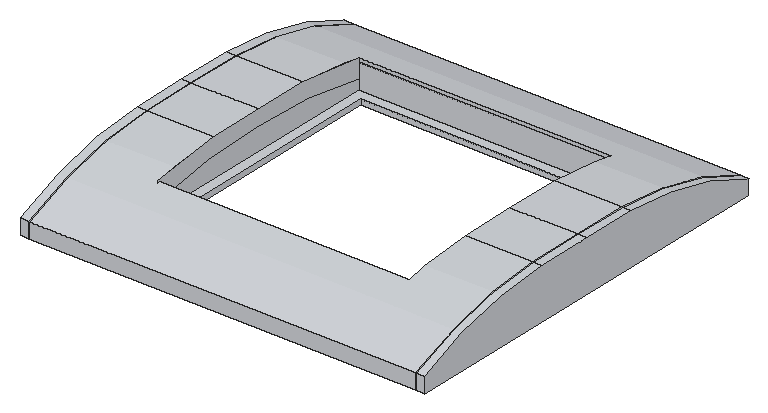
Revit family "Gira_1002327", category Electrical Fixtures, host Face, Revit 2017
Family settings
  Host = Face
  Maintain Annotation Orientation = No
  Round Connector Dimension = Use Diameter
  Part Type = Normal
  Cut with Voids When Loaded = No
  Shared = No
  Room Calculation Point = No
Parameters (values of type "Abdeckrahmen 2f o.M. Zwischenr. RW Gira Event Reinweiß m")
  Werkstoffgüte = "Thermoplast"
  Werkstoff = "Kunststoff"
  URL = "http://katalog.gira.de/de_DE/datenblatt.html?artikelnr=1002327"
  Transparent = "No"
  Textfeld/Beschriftungsfläche = "No"
  Schutzart (IP) = "IP20"
  Region = "DE"
  Oberfläche = "sonstige"
  Name = "Abdeckrahmen 2f o.M. Zwischenr. RW Gira Event Reinweiß m"
  Montagerichtung = "horizontal und vertikal"
  Mit Montagerahmen = "No"
  Mit Klappdeckel = "No"
  Manufacturer URL = "https://www.gira.de/"
  Keynote = "Event_Rahmen_2fach o.Mittelsteg"
  HeinzeBIM = "https://bimportal.heinze.de/bim/abdeckrahmen-2f-o-m-zwischenr-rw-gira-event-reinweiss-m/fe6de33c9f56735060b5007f5d9051a3a72fcde4"
  Halogenfrei = "Yes"
  HAN = "1002327"
  Geeignet für Unterputz-Installation = "Yes"
  Geeignet für Unterflurkanaldose = "No"
  Geeignet für Geräteeinbaukanal = "No"
  Geeignet für Einbauinstallation = "No"
  GTIN = "4010337074212"
  Farbe = "weiß"
  Default Elevation = 1219.2 mm
  Data sheet (1) = "https://katalog.gira.de/de_DE/download.html?artikelnr=1002327"
  Category = "Abdeckrahmen"
  Befestigungsart = "Klemmbefestigung"
  Available = "Yes"
  Ausführung der Oberfläche = "glänzend"
  Anzahl der Einheiten vertikal = "2 "
  Anzahl der Einheiten horizontal = "2 "
  Anzahl der Einheiten = "2 "
Reference planes
  plane 1 "Center (Front/Back)": y = 0
  plane 2: z = 0
  plane 3 "Center (Left/Right)": x = 0
Forms (mm)
  Extrusion 1, solid, detail levels fine
    sketch origin (0, 0, 1.55) x (0, 1, 0) y (0, 0, 1)
      loop
        arc (12.445, 9.683) -> (6.223, 9.833) -> (0, 9.85) r 291.636
        arc (0, 9.85) -> (-6.223, 9.833) -> (-12.445, 9.683) r 291.636
        arc (-12.445, 9.683) -> (-29.14, 7.482) -> (-45, 1.823) r 79.728
        line (-45, 1.823) -> (-45, -1.55) -> (-41.777, -1.55) -> (-41.777, -0.55)
        arc (-41.777, -0.55) -> (-21.205, 4.846) -> (0, 6.467) r 118.15
        arc (0, 6.467) -> (21.205, 4.846) -> (41.777, -0.55) r 118.15
        line (41.777, -0.55) -> (41.777, -1.55) -> (45, -1.55) -> (45, 1.823)
        arc (45, 1.823) -> (29.14, 7.482) -> (12.445, 9.683) r 79.728
    from -43 to 43
  Extrusion 2, void, detail levels fine
    sketch origin (0, 0, 0) x (1, 0, 0) y (0, 1, 0)
      loop
        line (-28, -28) -> (28, -28) -> (28, 28) -> (-28, 28) -> (-28, -28)
    from 2.85 to 12
  Extrusion 3, solid, detail levels coarse
    sketch origin (0, 0, 0) x (1, 0, 0) y (0, 1, 0)
      loop
        line (-45, 45) -> (-45, -45) -> (45, -45) -> (45, 45) -> (-45, 45)
    from 0 to 11.4
  Extrusion 4, solid, detail levels medium
    sketch origin (0, 0, 1.55) x (0, 1, 0) y (0, 0, 1)
      loop
        arc (12.445, 9.683) -> (6.223, 9.833) -> (0, 9.85) r 291.636
        arc (0, 9.85) -> (-6.223, 9.833) -> (-12.445, 9.683) r 291.636
        arc (-12.445, 9.683) -> (-29.14, 7.482) -> (-45, 1.823) r 79.728
        line (-45, 1.823) -> (-45, -1.55) -> (45, -1.55) -> (45, 1.823)
        arc (45, 1.823) -> (29.14, 7.482) -> (12.445, 9.683) r 79.728
    from -45 to 45
  Extrusion 5, solid, detail levels fine
    sketch origin (0, 0, 0) x (0, 1, 0) y (0, 0, 1)
      loop
        arc (45, 3.373) -> (29.14, 9.032) -> (12.445, 11.233) r 79.728
        arc (12.445, 11.233) -> (6.223, 11.383) -> (0, 11.4) r 291.636
        arc (0, 11.4) -> (-6.223, 11.383) -> (-12.445, 11.233) r 291.636
        arc (-12.445, 11.233) -> (-29.14, 9.032) -> (-45, 3.373) r 79.728
        line (-45, 3.373) -> (-45, 0) -> (45, 0) -> (45, 3.373)
    from 43 to 45
  Extrusion 6, solid, detail levels fine
    sketch origin (0, 0, 0) x (0, 1, 0) y (0, 0, -1)
      loop
        line (45, -3.373) -> (45, 0) -> (-45, 0) -> (-45, -3.373)
        arc (-45, -3.373) -> (-29.14, -9.032) -> (-12.445, -11.233) r 79.728
        arc (-12.445, -11.233) -> (-6.223, -11.383) -> (0, -11.4) r 291.636
        arc (0, -11.4) -> (6.223, -11.383) -> (12.445, -11.233) r 291.636
        arc (12.445, -11.233) -> (29.14, -9.032) -> (45, -3.373) r 79.728
    from 43 to 45
  Extrusion 7, solid, detail levels fine
    sketch origin (0, 0, 0) x (1, 0, 0) y (0, 1, 0)
      loop
        line (-25.7, 25.7) -> (-25.7, -25.7) -> (25.7, -25.7) -> (25.7, 25.7) -> (-25.7, 25.7)
      loop
        line (-29.495, 27.895) -> (-29.495, -27.895)
        spline (-29.495, -27.895) -> (-29.486, -28.025) -> (-29.461, -28.154) -> (-29.419, -28.278) -> (-29.361, -28.395) -> (-29.288, -28.504) -> (-29.202, -28.602) -> (-29.104, -28.688) -> (-28.995, -28.761) -> (-28.878, -28.819) -> (-28.754, -28.861) -> (-28.625, -28.886) -> (-28.495, -28.895)
        line (-28.495, -28.895) -> (28.495, -28.895)
        spline (28.495, -28.895) -> (28.625, -28.886) -> (28.754, -28.861) -> (28.878, -28.819) -> (28.995, -28.761) -> (29.104, -28.688) -> (29.202, -28.602) -> (29.288, -28.504) -> (29.361, -28.395) -> (29.419, -28.278) -> (29.461, -28.154) -> (29.486, -28.025) -> (29.495, -27.895)
        line (29.495, -27.895) -> (29.495, 27.895)
        spline (29.495, 27.895) -> (29.486, 28.025) -> (29.461, 28.154) -> (29.419, 28.278) -> (29.361, 28.395) -> (29.288, 28.504) -> (29.202, 28.602) -> (29.104, 28.688) -> (28.995, 28.761) -> (28.878, 28.819) -> (28.754, 28.861) -> (28.625, 28.886) -> (28.495, 28.895)
        line (28.495, 28.895) -> (-28.495, 28.895)
        spline (-28.495, 28.895) -> (-28.625, 28.886) -> (-28.754, 28.861) -> (-28.878, 28.819) -> (-28.995, 28.761) -> (-29.104, 28.688) -> (-29.202, 28.602) -> (-29.288, 28.504) -> (-29.361, 28.395) -> (-29.419, 28.278) -> (-29.461, 28.154) -> (-29.486, 28.025) -> (-29.495, 27.895)
    from 1.673 to 8.5
Cuts and joins
  Extrusion 2 cuts Extrusion 1
  Extrusion 2 cuts Extrusion 7
Dimensions and locks
  aligned and locked: plane 2 to host face
  aligned and locked: level to host face
